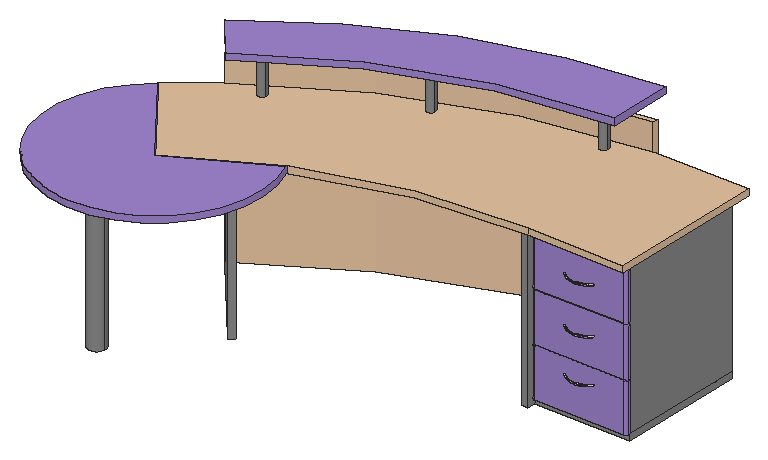
Revit family
Parameters (values of type "Desk - Reception")
  Material Frame = Metal - Paint Grey
  Material Draws and Tops = Paint - Violet
  Material Desk = Wood - Cherry
  Keynote = "N"
  Assembly Code = "E2020200"
  Counter Top = 1000 mm
  Table Height = 760 mm
Reference planes
  plane 1 "Center F/B": y = 0
  plane 2: z = 0
  plane 3 "Center L/R": x = 0
  plane 4: x = -1750
  plane 5: y = 740
  plane 6: x = 450
  plane 7 "Table \top": z = 760
  plane 8: z = 730
  plane 9: through (-681.418, 888.744, 0) normal (0.6085, -0.7936, 0)
  plane 10: y = 515
  plane 11: y = 815
  plane 12: z = 1000
  plane 13: z = 970
  plane 14: z = 885
  plane 15: z = 0
  plane 16: z = 30
  plane 17: y = 40
  plane 18: z = 263.333
  plane 19: z = 496.667
  plane 20 "Bottom Handle": z = 188.333
  plane 21: x = 225
  plane 22: x = 155
  plane 23: x = 295
  plane 24: z = 421.667
  plane 25: z = 655
  plane 26: x = 225
  plane 27: x = 155
  plane 28: x = 295
  plane 29: x = 225
  plane 30: x = 155
  plane 31: x = 295
  plane 32: z = 268.333
  plane 33: z = 501.667
Forms (mm)
  Extrusion 1, solid, material "Paint - Violet" <- "Material Draws and Tops"
    sketch origin (0, 0, 0) x (1, 0, 0) y (0, 1, 0)
      loop
        arc (-1750, 0) -> (-1567.486, -881.752) -> (-990.226, -190.689) r 500
        arc (-990.226, -190.689) -> (-1211.934, -298.545) -> (-1421.433, -428.536) r 2404.699
        line (-1421.433, -428.536) -> (-1750, 0)
    from 730 to 760
  Extrusion 2, solid, material "Wood - Cherry" <- "Material Desk"
    sketch origin (0, 0, 0) x (1, 0, 0) y (0, 1, 0)
      loop
        arc (0, 740) -> (-935.131, 512.203) -> (-1750, 0) r 3000
        line (-1750, 0) -> (-1421.433, -428.536)
        arc (-1421.433, -428.536) -> (-744.616, -101.826) -> (0, 0) r 2404.699
        line (0, 0) -> (0, 740)
    from 730 to 760
  Extrusion 3, solid, material "Paint - Violet" <- "Material Draws and Tops"
    sketch origin (0, 0, 0) x (1, 0, 0) y (0, 1, 0)
      loop
        arc (0, 815) -> (-844.129, 631.445) -> (-1588.573, 193.209) r 2728.559
        line (-1588.573, 193.209) -> (-1429.073, 0.355)
        arc (-1429.073, 0.355) -> (-752.954, 364.355) -> (0, 515) r 2600.156
        line (0, 515) -> (0, 815)
    from 970 to 1000
  Extrusion 4, solid, material "Metal - Paint Grey" <- "Material Frame"
    sketch origin (0, 0, 0) x (1, 0, 0) y (0, 1, 0)
      loop
        circle (-1399.099, 175.163) r 20
      loop
        circle (-162.557, 651.832) r 20
      loop
        circle (-837.953, 472.7) r 20
    from 760 to 970
  Extrusion 5, solid, material "Wood - Cherry" <- "Material Desk"
    sketch origin (0, 0, 0) x (1, 0, 0) y (0, 1, 0)
      loop
        line (0, 740) -> (0, 765)
        arc (0, 765) -> (-829.824, 586.473) -> (-1573.121, 176.607) r 2917.014
        line (-1573.121, 176.607) -> (-1558.36, 155.335)
        arc (-1558.36, 155.335) -> (-820.539, 557.905) -> (0, 740) r 3000
    from 0 to 885
  Extrusion 6, solid, material "Metal - Paint Grey" <- "Material Frame"
    sketch origin (0, 0, 0) x (1, 0, 0) y (0, 1, 0)
      loop
        line (0, 0) -> (0, 740) -> (-30, 740) -> (-30, 0) -> (0, 0)
      loop
        line (-1557.673, 155.847) -> (-1191.212, -287.247) -> (-1168.094, -268.128) -> (-1533.502, 173.693) -> (-1557.673, 155.847)
    from 0 to 730
  Extrusion 7, solid, material "Metal - Paint Grey" <- "Material Frame"
    sketch origin (104.058, 65.801, 0) x (1, 0, 0) y (0, 1, 0)
      loop
        circle (-1637.925, -699.485) r 40
    from 0 to 730
  Extrusion 8, solid, material "Wood - Cherry" <- "Material Desk"
    sketch origin (0, 0, 0) x (1, 0, 0) y (0, 1, 0)
      loop
        line (0, 740) -> (0, 0) -> (450, 0) -> (450, 740) -> (0, 740)
    from 730 to 760
  Extrusion 9, solid, material "Metal - Paint Grey" <- "Material Frame"
    sketch origin (0, 0, 0) x (1, 0, 0) y (0, 1, 0)
      loop
        line (0, 640) -> (0, 40) -> (450, 40) -> (450, 640) -> (0, 640)
    from 0 to 30
  Extrusion 10, solid, material "Paint - Violet" <- "Material Draws and Tops"
    sketch origin (0, 0, 0) x (1, 0, 0) y (0, 1, 0)
      loop
        line (0, 40) -> (0, 35)
        arc (0, 35) -> (4.393, 24.393) -> (15, 20) r 15
        line (15, 20) -> (435, 20)
        arc (435, 20) -> (445.607, 24.393) -> (450, 35) r 15
        line (450, 35) -> (450, 40) -> (0, 40)
    from 30 to 263.333
  Sweep 11, solid
    path origin (0, 0, 188.333) x (0, -1, 0) y (1, 0, 0)
      loop
        arc (-20, 155) -> (11.065, 225) -> (-20, 295) r 94.4
    profile origin (225, 0, 189) x (0, 1, 0) y (0, 0, 1)
      loop
        circle (-11.065, -0.667) r 2
  Sweep 12, solid
    path origin (0, 0, 395) x (0, -1, 0) y (1, 0, 0)
      loop
        arc (-20, 155) -> (11.065, 225) -> (-20, 295) r 94.4
    profile origin (225, 0, 395) x (0, 1, 0) y (0, 0, 1)
      loop
        circle (-11.065, 0) r 2
  Sweep 13, solid
    path origin (0, 0, 615) x (0, -1, 0) y (1, 0, 0)
      loop
        arc (-20, 155) -> (11.065, 225) -> (-20, 295) r 94.4
    profile origin (225, 0, 615) x (0, 1, 0) y (0, 0, 1)
      loop
        circle (-11.065, 0) r 2
  Extrusion 14, solid, material "Paint - Violet" <- "Material Draws and Tops"
    sketch origin (0, 0, 0) x (1, 0, 0) y (0, 1, 0)
      loop
        line (450, 40) -> (0, 40) -> (0, 35)
        arc (0, 35) -> (4.393, 24.393) -> (15, 20) r 15
        line (15, 20) -> (435, 20)
        arc (435, 20) -> (445.607, 24.393) -> (450, 35) r 15
        line (450, 35) -> (450, 40)
    from 255 to 496.667
  Extrusion 15, solid, material "Paint - Violet" <- "Material Draws and Tops"
    sketch origin (0, 0, 0) x (1, 0, 0) y (0, 1, 0)
      loop
        line (450, 40) -> (0, 40) -> (0, 35)
        arc (0, 35) -> (4.393, 24.393) -> (15, 20) r 15
        line (15, 20) -> (435, 20)
        arc (435, 20) -> (445.607, 24.393) -> (450, 35) r 15
        line (450, 35) -> (450, 40)
    from 501.667 to 730
  Extrusion 16, solid, material "Metal - Paint Grey" <- "Material Frame"
    sketch origin (0, 0, 188.333) x (0, -1, 0) y (1, 0, 0)
      loop
        line (-640, 0) -> (-40, 0) -> (-40, 25) -> (-615, 25) -> (-615, 425) -> (-40, 425) -> (-40, 450) -> (-640, 450) -> (-640, 0)
    from -158.333 to 541.667
Cuts and joins
  joined: Extrusion 2, Extrusion 5, Extrusion 8
Lines and regions (mm)
  Masking region 1
    outline origin (0, 0, 0) x (1, 0, 0) y (0, 1, 0)
      loop
        arc (-1750, 0) -> (-1567.486, -881.752) -> (-990.226, -190.689) r 500
        arc (-990.226, -190.689) -> (-505.221, -42.854) -> (0, 0) r 2404.699
        line (0, 0) -> (450, 0) -> (450, 740) -> (0, 740) -> (0, 815)
        arc (0, 815) -> (-844.129, 631.445) -> (-1588.573, 193.209) r 2728.559
        line (-1588.573, 193.209) -> (-1557.673, 155.847)
        arc (-1557.673, 155.847) -> (-1655.444, 79.908) -> (-1750, 0) r 3000
  symbolic lines
    curve 1: arc (-1557.673, 155.847, 0) -> (-1655.444, 79.908, 0) -> (-1750, 0, 0) r 3000
    curve 2: line (-1750, 0, 0) -> (-1421.433, -428.536, 0)
    curve 3: arc (-1421.433, -428.536, 0) -> (-1211.934, -298.545, 0) -> (-990.226, -190.689, 0) r 2404.699
    curve 4: line (0, 815, 0) -> (0, 0, 0)
    curve 5: line (0, 740, 0) -> (450, 740, 0)
    curve 6: line (450, 740, 0) -> (450, 0, 0)
    curve 7: line (450, 0, 0) -> (0, 0, 0)
    curve 8: arc (-1429.073, 0.355, 0) -> (-752.954, 364.355, 0) -> (0, 515, 0) r 2600.156
    curve 9: line (-1588.573, 193.209, 0) -> (-1429.073, 0.355, 0)
Dimensions and locks
  "Table Height": plane 7 "Table \top" to plane 2
  locked: plane 7 "Table \top" to plane 8 at 30
  "Counter Top": plane 12 to level
  locked: plane 12 to plane 13 at 30
  locked: plane 13 to plane 14 at 85
  plane 16 to plane 15 to plane 2 = 30 mm locked, 0 mm locked
  equal spacing: plane 8, plane 19, plane 18, plane 16
  locked: plane 18 to plane 20 "Bottom Handle" at 75
  locked: plane 8 to plane 25 at 75
  locked: plane 19 to plane 24 at 75
  locked: plane 32 to plane 18 at 5
  locked: plane 33 to plane 19 at 5
  aligned and locked: Extrusion 1 sketch curve to curve 2
  aligned and locked: Extrusion 1 sketch curve to curve 3
  aligned and locked: Extrusion 1 to plane 7 "Table \top"
  aligned and locked: Extrusion 1 to plane 8
  aligned and locked: Extrusion 2 sketch curve to curve 1
  aligned and locked: Extrusion 2 sketch curve to Extrusion 1
  aligned and locked: Extrusion 2 sketch curve to curve 3
  aligned and locked: curve 4 to Extrusion 2 sketch curve
  aligned and locked: Extrusion 2 to plane 7 "Table \top"
  aligned and locked: Extrusion 2 to plane 8
  aligned and locked: Extrusion 3 sketch curve to curve 8
  aligned and locked: Extrusion 3 sketch curve to curve 9
  aligned and locked: Extrusion 3 sketch curve to curve 4
  aligned and locked: Extrusion 3 to plane 12
  aligned and locked: plane 13 to Extrusion 3
  aligned and locked: Extrusion 4 to plane 13
  aligned and locked: plane 7 "Table \top" to Extrusion 4
  aligned and locked: Extrusion 5 sketch curve to Extrusion 2
  aligned and locked: plane 14 to Extrusion 5
  aligned and locked: plane 8 to Extrusion 6
  aligned and locked: plane 8 to Extrusion 7
  aligned and locked: Extrusion 8 sketch curve to curve 5
  aligned and locked: Extrusion 8 sketch curve to curve 6
  aligned and locked: Extrusion 8 sketch curve to curve 7
  aligned and locked: Extrusion 8 sketch curve to Extrusion 2
  aligned and locked: Extrusion 8 to plane 7 "Table \top"
  aligned and locked: Extrusion 8 to plane 8
  aligned and locked: Extrusion 8 to Extrusion 9 sketch curve  (x2)
  aligned and locked: Extrusion 9 to plane 16
  aligned and locked: plane 15 to Extrusion 9
  aligned and locked: plane 3 "Center L/R" to Extrusion 10 sketch curve
  aligned and locked: plane 6 to Extrusion 10 sketch curve
  aligned and locked: plane 16 to Extrusion 10
  aligned and locked: Extrusion 10 to plane 18
  aligned and locked: plane 17 to Extrusion 9 sketch curve
  aligned and locked: plane 22 to Sweep 11 sketch curve
  aligned and locked: plane 23 to Sweep 11 sketch curve
  aligned and locked: plane 27 to Sweep 12 sketch curve
  aligned and locked: plane 28 to Sweep 12 sketch curve
  aligned and locked: plane 30 to Sweep 13 sketch curve
  aligned and locked: plane 31 to Sweep 13 sketch curve
  aligned and locked: Extrusion 14 to plane 19
  aligned and locked: plane 8 to Extrusion 15
  aligned and locked: plane 33 to Extrusion 15
  aligned and locked: Extrusion 16 sketch curve to Extrusion 9  (x4)
  aligned and locked: plane 8 to Extrusion 16
  aligned and locked: plane 16 to Extrusion 16
Automatic sketch dimensions
  curve 9 to plane 9 = 0 mm
  curve 4 to plane 1 "Center F/B" = 0 mm
  curve 4 to plane 3 "Center L/R" = 0 mm
  curve 6 to plane 5 = 0 mm
  curve 6 to plane 6 = 0 mm
  curve 8 to plane 10 = 0 mm
  curve 4 to plane 11 = 0 mm
  plane 4 to curve 9 = 161.427 mm
  curve 9 to curve 1 = 30.9 mm
  curve 9 to plane 1 "Center F/B" = 0.355 mm
  curve 1 to curve 9 = 128.599 mm
  curve 3 to plane 3 "Center L/R" = 50.501 mm
  plane 3 "Center L/R" to curve 8 = 128.04 mm
  curve 8 to curve 1 = 105.234 mm
  plane 9 to Extrusion 4 sketch curve = 117.439 mm
  Extrusion 4 sketch curve to plane 1 "Center F/B" = 175.163 mm
  Extrusion 4 sketch curve to Extrusion 4 sketch curve = 20 mm  (x3)
  Extrusion 4 sketch curve to plane 10 = 42.3 mm
  plane 9 to Extrusion 4 sketch curve = 222.751 mm
  Extrusion 4 sketch curve to plane 3 "Center L/R" = 182.557 mm
  Extrusion 4 sketch curve to plane 5 = 88.168 mm
  Extrusion 5 sketch curve to plane 3 "Center L/R" = 0 mm
  plane 9 to Extrusion 5 sketch curve = 48.439 mm
  plane 9 to Extrusion 5 sketch curve = 22.578 mm
  Extrusion 5 sketch curve to plane 1 "Center F/B" = 176.607 mm
  Extrusion 5 sketch curve to Extrusion 5 sketch curve = 41.191 mm
  Extrusion 5 sketch curve to Extrusion 5 sketch curve = 105.234 mm
  plane 4 to Extrusion 7 sketch curve = 176.132 mm
  Extrusion 7 sketch curve to Extrusion 7 sketch curve = 40 mm
  plane 1 "Center F/B" to Extrusion 7 sketch curve = 633.684 mm
  plane 3 "Center L/R" to Extrusion 10 sketch curve = 15 mm
  Extrusion 10 sketch curve to plane 1 "Center F/B" = 20 mm
  plane 6 to Extrusion 10 sketch curve = 15 mm
  Extrusion 10 sketch curve to Extrusion 10 sketch curve = 5 mm
  Sweep 11 sketch curve to plane 21 = 0 mm
  Sweep 11 sketch curve to plane 17 = 43.335 mm
  Sweep 11 sketch curve to plane 1 "Center F/B" = 20 mm
  Sweep 11 sketch curve to plane 20 "Bottom Handle" = 0 mm
  Sweep 11 sketch curve to profile plane = 0 mm
  profile plane to Sweep 11 sketch curve = 2 mm
  Sweep 12 sketch curve to plane 26 = 0 mm
  Sweep 12 sketch curve to profile plane = 0 mm
  profile plane to Sweep 12 sketch curve = 2 mm
  Sweep 13 sketch curve to plane 29 = 0 mm
  Sweep 13 sketch curve to profile plane = 0 mm
  profile plane to Sweep 13 sketch curve = 2 mm
  Extrusion 9 sketch curve to plane 5 = 100 mm
  Extrusion 14 sketch curve to plane 3 "Center L/R" = 0 mm
  Extrusion 14 sketch curve to plane 6 = 0 mm
  Extrusion 14 sketch curve to plane 17 = 0 mm
  plane 3 "Center L/R" to Extrusion 14 sketch curve = 15 mm
  plane 6 to Extrusion 14 sketch curve = 15 mm
  Extrusion 14 sketch curve to Extrusion 14 sketch curve = 5 mm
  Extrusion 15 sketch curve to plane 3 "Center L/R" = 0 mm
  Extrusion 15 sketch curve to plane 6 = 0 mm
  Extrusion 15 sketch curve to plane 17 = 0 mm
  plane 17 to Extrusion 15 sketch curve = 5 mm
  plane 3 "Center L/R" to Extrusion 15 sketch curve = 15 mm
  plane 6 to Extrusion 15 sketch curve = 15 mm
  Extrusion 16 sketch curve to Extrusion 16 sketch curve = 25 mm
  plane 3 "Center L/R" to Extrusion 16 sketch curve = 25 mm
  plane 6 to Extrusion 16 sketch curve = 25 mm
  Extrusion 16 sketch curve to plane 17 = 0 mm
  Extrusion 6 sketch curve to plane 1 "Center F/B" = 0 mm
  Extrusion 6 sketch curve to plane 5 = 0 mm
  Extrusion 6 sketch curve to plane 3 "Center L/R" = 0 mm
  plane 9 to Extrusion 6 sketch curve = 48.452 mm
  Extrusion 6 sketch curve to plane 1 "Center F/B" = 155.847 mm
  plane 9 to Extrusion 6 sketch curve = 48.996 mm
  Extrusion 6 sketch curve to plane 1 "Center F/B" = 173.693 mm
  plane 1 "Center F/B" to Extrusion 6 sketch curve = 287.247 mm
  Extrusion 6 sketch curve to plane 3 "Center L/R" = 30 mm
  Extrusion 6 sketch curve to Extrusion 6 sketch curve = 342.29 mm
  Masking region 1 sketch curve to plane 1 "Center F/B" = 0 mm  (x2)
  Masking region 1 sketch curve to plane 4 = 0 mm
  plane 4 to Masking region 1 sketch curve = 304.229 mm
  plane 1 "Center F/B" to Masking region 1 sketch curve = 190.689 mm
  Masking region 1 sketch curve to Masking region 1 sketch curve = 455.545 mm
  Masking region 1 sketch curve to plane 3 "Center L/R" = 50.501 mm
  Masking region 1 sketch curve to Masking region 1 sketch curve = 206.104 mm
  Masking region 1 sketch curve to plane 3 "Center L/R" = 0 mm  (x2)
  Masking region 1 sketch curve to plane 5 = 0 mm
  Masking region 1 sketch curve to plane 6 = 0 mm
  plane 10 to Masking region 1 sketch curve = 225 mm
  Masking region 1 sketch curve to plane 11 = 0 mm
  plane 3 "Center L/R" to Masking region 1 sketch curve = 150.399 mm
  Masking region 1 sketch curve to Masking region 1 sketch curve = 30.9 mm
  plane 6 to Masking region 1 sketch curve = 216.727 mm
  Masking region 1 sketch curve to Masking region 1 sketch curve = 153.252 mm
  Masking region 1 sketch curve to plane 1 "Center F/B" = 155.847 mm
  Masking region 1 sketch curve to Masking region 1 sketch curve = 0 mm
  Masking region 1 sketch curve to plane 9 = 0 mm
  Masking region 1 sketch curve to plane 17 = 153.209 mm
  curve 1 to plane 1 "Center F/B" = 0 mm
  curve 1 to plane 4 = 0 mm
  plane 4 to curve 2 = 328.567 mm
  curve 3 to curve 1 = 153.252 mm
  plane 1 "Center F/B" to curve 3 = 190.689 mm
  curve 8 to curve 3 = 438.847 mm
